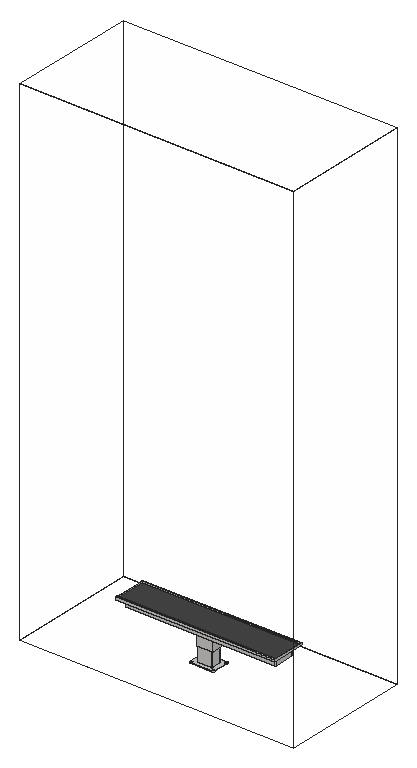
Revit family "Heater-Ceiling-Electric-Bromic-Smart Heat-Platinum", category Electrical Fixtures, host Face, Revit 2020
Family settings
  Host = Face
  Maintain Annotation Orientation = No
  Round Connector Dimension = Use Diameter
  Part Type = Normal
  OmniClass Number = 23.75.10.14
  OmniClass Title = Independent Electric Heating Units
  Cut with Voids When Loaded = Yes
  Shared = No
  Room Calculation Point = No
Parameters (values of type "2300W Series - Black")
  visFrontDown [instance] = not(Angle Mount)  # yes
  calcYOffset [instance] = if(Angle Mount, 0.5748", 0")  # 0"
  calcXOffset [instance] = if(Angle Mount, 1.49606", 0")  # 0"
  calcWidth = 7.17"  # constant formula
  calcSuspendedHeight [instance] = if(Front Down Mount, 8", if([Ceiling Pole_23.6"], 23.6", if([Ceiling Pole_47.2"], 47.2", if(Angle Mount, 10", 8"))))  # 8"
  calcOffsetClearance [instance] = if(Angle Mount, 1.69", calcWidth / 2)  # 3.585"
  calcLength = if(Heater Type Selector = 1, 33.07", if(Heater Type Selector = 2, 50.2", 33.07"))  # 33.07"
  calcFaceAngledWidth [instance] = if(Angle Mount, 6.5", calcWidth)  # 7.17"
  calcDepth = 2.13"  # constant formula
  Width_ANZRS = 7"  # constant formula
  WeightNet_ANZRS = if(Heater Type Selector = 1, 16.50 lbm, if(Heater Type Selector = 2, 22.00 lbm, 16.50 lbm))  # 16.50 lbm
  Wattage_ANZRS = if(Heater Type Selector = 1, 2300 VA, if(Heater Type Selector = 2, 3400 VA, 2000 VA))  # 2300 VA
  Voltage_ANZRS [instance] = 230 V
  URL = "https://www.bromic.com/heating/outdoor-heaters/"
  Side Clearance = if(Heater Type Selector = 2, 18", 10")  # 10"
  Mount Type Selector [instance] = 1
  MountingType_ANZRS [instance] = if(Front Down Mount, "Ceiling Mounted - Front Down", if([Ceiling Pole_23.6"], "Ceiling Pole - 23.6\"", if([Ceiling Pole_47.2"], "Ceiling Pole - 47.2\"", if(Angle Mount, "Ceiling Mounted - Angle Mount", "Ceiling Mounted - Front Down"))))  # "Ceiling Mounted - Front Down"
  Material_ANZRS = Metal-Steel-Stainless-Bromic
  Screen Material = Ceramic-Tinted-Bromic-Black
  Heater Type Selector = 1
  Front Down Mount [instance] = or(Mount Type Selector < 2, Mount Type Selector > 4)  # yes
  Floor Clearance = 96"  # constant formula
  Show Clearance [instance] = yes
  ProductCode_ANZRS = "BH0320003"
  PowerFactor_ANZRS = 1
  ModifiedIssue_ANZRS = 20190220.01  # constant formula
  Model = "Platinum Smart-Heat™ Electric"  # constant formula
  Manufacturer = "Bromic"  # constant formula
  Length_ANZRS = if(Heater Type Selector = 1, 33", if(Heater Type Selector = 2, 50.2", 33"))  # 33"
  Frequency_ANZRS = 50 Hz
  End Clearance = 12"  # constant formula
  Description = "The Platinum Smart-Heat™ Electric excels in efficiency, packing profound performance into a sleek package to suit high-end, style-centric settings. Designed specifically with low-clearance, semi-enclosed and aesthetically-focused spaces in mind, this heater minimizes light emission to blend seamlessly into rooflines with the aid of recess kits or stylishly mount to a number of other surfaces."  # constant formula
  Depth_ANZRS = 2"  # constant formula
  Default Elevation = 48"
  CreatedBy_ANZRS = "Design Content"  # constant formula
  CreatedByURL_ANZRS = "https://www.designcontent.com.au/"
  Ceiling Pole_23.6" [instance] = Mount Type Selector = 2  # no
  Ceiling Pole_47.2" [instance] = Mount Type Selector = 3  # no
  ApproximateHeatArea = if(Heater Type Selector = 1, 65.00 SF, if(Heater Type Selector = 2, 108.00 SF, 65.00 SF))  # 65.00 SF
  ApparentLoad_ANZRS = Wattage_ANZRS  # 2300 VA
  Angle Mount [instance] = Mount Type Selector = 4  # no
  Angle [instance] = if(Angle Mount, 30.00°, 0.00°)  # 0.00°
Types (5): name | calcLength | WeightNet_ANZRS | Wattage_ANZRS | Side Clearance | Screen Material | Heater Type Selector | ProductCode_ANZRS | Length_ANZRS | ApproximateHeatArea | ApparentLoad_ANZRS
  (no name) | 33.07" | 16.50 lbm | 2300 VA | 10" | Ceramic-Tinted-Bromic-Black | 1 | "BH0320003" | 33" | 65.00 SF | 2300 VA
  2300W Series - Black | 33.07" | 16.50 lbm | 2300 VA | 10" | Ceramic-Tinted-Bromic-Black | 1 | "BH0320003" | 33" | 65.00 SF | 2300 VA
  2300W Series - White | 33.07" | 16.50 lbm | 2300 VA | 10" | Ceramic-Tinted-Bromic-White | 1 | "BH0320007" | 33" | 65.00 SF | 2300 VA
  3400W Series - Black | 50.2" | 22.00 lbm | 3400 VA | 18" | Ceramic-Tinted-Bromic-Black | 2 | "BH0320005" | 50.2" | 108.00 SF | 3400 VA
  3400W Series - White | 50.2" | 22.00 lbm | 3400 VA | 18" | Ceramic-Tinted-Bromic-White | 2 | "BH0320008" | 50.2" | 108.00 SF | 3400 VA
Reference planes (in)
  plane 1 "Center (Front/Back)": y = 0
  plane 2: z = 0
  plane 3 "Center (Left/Right)": x = 0
  plane 4: z = 5.79528
  plane 5: z = 104
  plane 6: z = 8
  plane 7: x = -16.535
  plane 8: x = -28.535
  plane 9: x = 16.535
  plane 10: x = 28.535
  plane 11: y = 3.585
  plane 12: y = -3.585
  plane 13: y = 13.585
  plane 14: y = -13.585
  plane 15: z = 0.07874
  plane 16: z = 3.07726
  plane 17: z = 5.87402
  plane 18: x = -17.12555
  plane 19: x = 17.12555
  plane 20: y = 0
  plane 21: z = 5.87402
  plane 22: y = 3.585
  plane 23: y = -3.585
Forms (in)
  Extrusion 1, solid, material "Metal-Steel-Stainless-Bromic" <- "Material_ANZRS", detail levels coarse+medium
    sketch origin (0, 0, 0) x (1, 0, 0) y (0, 1, 0)
      loop
        arc (-2.55906, -1.5748) -> (-2.44374, -1.85319) -> (-2.16535, -1.9685) r 0.3937
        line (-2.16535, -1.9685) -> (2.16535, -1.9685)
        arc (2.16535, -1.9685) -> (2.44374, -1.85319) -> (2.55906, -1.5748) r 0.3937
        line (2.55906, -1.5748) -> (2.55906, 1.5748)
        arc (2.55906, 1.5748) -> (2.44374, 1.85319) -> (2.16535, 1.9685) r 0.3937
        line (2.16535, 1.9685) -> (-2.16535, 1.9685)
        arc (-2.16535, 1.9685) -> (-2.44374, 1.85319) -> (-2.55906, 1.5748) r 0.3937
        line (-2.55906, 1.5748) -> (-2.55906, -1.5748)
    from 0 to 0.07874
  Extrusion 2, solid, material "Metal-Steel-Stainless-Bromic" <- "Material_ANZRS", visible <- "visFrontDown"
    sketch origin (0, 0, 0) x (1, 0, 0) y (0, 1, 0)
      loop
        line (-1.5748, 0.90551) -> (-1.5748, -0.86614)
        arc (-1.5748, -0.86614) -> (-1.54021, -0.94966) -> (-1.45669, -0.98425) r 0.11811
        line (-1.45669, -0.98425) -> (1.45669, -0.98425)
        arc (1.45669, -0.98425) -> (1.54021, -0.94966) -> (1.5748, -0.86614) r 0.11811
        line (1.5748, -0.86614) -> (1.5748, 0.90551)
        arc (1.5748, 0.90551) -> (1.55174, 0.96119) -> (1.49606, 0.98425) r 0.07874
        line (1.49606, 0.98425) -> (-1.49606, 0.98425)
        arc (-1.49606, 0.98425) -> (-1.55174, 0.96119) -> (-1.5748, 0.90551) r 0.07874
    from 0.07874 to 3.07726
  Extrusion 3, solid, material "Metal-Steel-Stainless-Bromic" <- "Material_ANZRS", visible <- "visFrontDown"
    sketch origin (0, 0, 6.29921) x (1, 0, 0) y (0, 1, 0)
      loop
        arc (-2.75591, -1.44685) -> (-2.64059, -1.72524) -> (-2.3622, -1.84055) r 0.3937
        line (-2.3622, -1.84055) -> (2.3622, -1.84055)
        arc (2.3622, -1.84055) -> (2.64059, -1.72524) -> (2.75591, -1.44685) r 0.3937
        line (2.75591, -1.44685) -> (2.75591, 1.46654)
        arc (2.75591, 1.46654) -> (2.64059, 1.74492) -> (2.3622, 1.86024) r 0.3937
        line (2.3622, 1.86024) -> (-2.3622, 1.86024)
        arc (-2.3622, 1.86024) -> (-2.64059, 1.74492) -> (-2.75591, 1.46654) r 0.3937
        line (-2.75591, 1.46654) -> (-2.75591, -1.44685)
    from -0.50394 to -0.4252
  Extrusion 4, solid, material "Metal-Steel-Stainless-Bromic" <- "Material_ANZRS", visible <- "visFrontDown"
    sketch origin (0, 0, 0) x (1, 0, 0) y (0, 1, 0)
      loop
        line (1.69291, 1.06299) -> (-1.69291, 1.06299) -> (-1.69291, -1.06299) -> (1.69291, -1.06299) -> (1.69291, 1.06299)
    from 3.07726 to 5.79528
  Extrusion 5, solid, material "Metal-Steel-Stainless-Bromic" <- "Material_ANZRS", detail levels fine
    sketch origin (0, 0, 0) x (1, 0, 0) y (0, 1, 0)
      loop
        arc (-2.55906, -1.5748) -> (-2.44374, -1.85319) -> (-2.16535, -1.9685) r 0.3937
        line (-2.16535, -1.9685) -> (2.16535, -1.9685)
        arc (2.16535, -1.9685) -> (2.44374, -1.85319) -> (2.55906, -1.5748) r 0.3937
        line (2.55906, -1.5748) -> (2.55906, 1.5748)
        arc (2.55906, 1.5748) -> (2.44374, 1.85319) -> (2.16535, 1.9685) r 0.3937
        line (2.16535, 1.9685) -> (-2.16535, 1.9685)
        arc (-2.16535, 1.9685) -> (-2.44374, 1.85319) -> (-2.55906, 1.5748) r 0.3937
        line (-2.55906, 1.5748) -> (-2.55906, -1.5748)
      loop
        circle (-2.16535, -1.5748) r 0.12795
      loop
        circle (2.16535, -1.5748) r 0.12795
      loop
        circle (2.16535, 1.5748) r 0.12795
      loop
        circle (-2.16535, 1.5748) r 0.12795
    from 0 to 0.07874
  Extrusion 6, solid, material "Metal-Steel-Stainless-Bromic" <- "Material_ANZRS", visible <- "Angle Mount"
    sketch origin (0, 0, -1.20079) x (0, 1, 0) y (0, 0, 1)
      loop
        line (1.06299, 2.50787) -> (1.06299, 4.7105) -> (0.31695, 6.00268) -> (-1.38782, 5.01842) -> (-1.06299, 4.4558) -> (-1.06299, 2.50787) -> (1.06299, 2.50787)
    from -1.69291 to 1.69291
  Extrusion 7, solid, material "Metal-Steel-Stainless-Bromic" <- "Material_ANZRS", visible <- "Angle Mount"
    sketch origin (0, 2.55118, 0) x (1, 0, 0) y (0, 1, 0)
      loop
        line (-1.5748, -1.64567) -> (-1.5748, -3.41732)
        arc (-1.5748, -3.41732) -> (-1.54021, -3.50084) -> (-1.45669, -3.53543) r 0.11811
        line (-1.45669, -3.53543) -> (1.45669, -3.53543)
        arc (1.45669, -3.53543) -> (1.54021, -3.50084) -> (1.5748, -3.41732) r 0.11811
        line (1.5748, -3.41732) -> (1.5748, -1.64567)
        arc (1.5748, -1.64567) -> (1.55174, -1.58999) -> (1.49606, -1.56693) r 0.07874
        line (1.49606, -1.56693) -> (-1.49606, -1.56693)
        arc (-1.49606, -1.56693) -> (-1.55174, -1.58999) -> (-1.5748, -1.64567) r 0.07874
    from 0.07874 to 1.30709
  Extrusion 8, solid, material "Metal-Steel-Stainless-Bromic" <- "Material_ANZRS", visible <- "Angle Mount"
    sketch origin (0, 0, 0) x (0, 1, 0) y (0, 0, 1)
      loop
        line (0.99886, 5.19559) -> (0.95949, 5.26378) -> (-2.1091, 3.49213) -> (-2.06973, 3.42394) -> (0.99886, 5.19559)
    from -2.75591 to 2.75591
Lines and regions (in)
  reference lines
    curve 1: line (0, 0, 5.87402) -> (0, 0, 5.49533)
    curve 2: line (0, 0, 5.87402) -> (0, 0.23807, 5.87402)
Dimensions and locks (in)
  "Floor Clearance": plane 6 to plane 5
  equal spacing: plane 9, plane 3 "Center (Left/Right)", plane 7
  "calcLength": plane 9 to plane 7
  "End Clearance": plane 7 to plane 8
  "End Clearance": plane 10 to plane 9
  equal spacing: plane 12, plane 1 "Center (Front/Back)", plane 11
  "calcWidth": plane 12 to plane 11
  "Side Clearance": plane 22 to plane 13
  "Side Clearance": plane 14 to plane 23
  locked: plane 2 to plane 15 at 0.07874
  plane 16 to plane 4 to plane 17 to plane 6 = 2.71801" locked, 0.07874" locked, 2.12598"
  "calcSuspendedHeight": plane 2 to plane 6
  locked: plane 18 to plane 7 at 0.59055
  locked: plane 9 to plane 19 at 0.59055
  "calcYOffset": plane 1 "Center (Front/Back)" to plane 20
  "calcXOffset": plane 17 to plane 21
  Extrusion 4 sketch curve to plane 1 "Center (Front/Back)" to Extrusion 4 sketch curve = 1.06299" locked, 1.06299" locked
  Extrusion 6 sketch curve to Extrusion 6 sketch curve to Extrusion 6 sketch curve to Extrusion 6 sketch curve to Extrusion 6 sketch curve to plane 17 = 1.94793" locked, 0.2547" locked, 0.30792" locked, 0.98425" locked, 1.07213" locked
  Extrusion 4 sketch curve to plane 3 "Center (Left/Right)" to Extrusion 4 sketch curve = 1.69291" locked, 1.69291" locked
  Extrusion 7 sketch curve to plane 1 "Center (Front/Back)" to Extrusion 7 sketch curve = 0.98425" locked, 0.98425" locked
  Extrusion 2 sketch curve to plane 1 "Center (Front/Back)" to Extrusion 2 sketch curve = 0.98425" locked, 0.98425" locked
  Extrusion 3 sketch curve to plane 1 "Center (Front/Back)" to Extrusion 3 sketch curve = 1.84055" locked, 1.86024" locked
  Extrusion 5 sketch curve to plane 1 "Center (Front/Back)" to Extrusion 5 sketch curve = 1.9685" locked, 1.9685" locked
  Extrusion 5 sketch curve to plane 3 "Center (Left/Right)" to Extrusion 5 sketch curve = 2.55906" locked, 2.55906" locked
  Extrusion 1 sketch curve to plane 1 "Center (Front/Back)" to Extrusion 1 sketch curve = 1.9685" locked, 1.9685" locked
  Extrusion 1 sketch curve to plane 3 "Center (Left/Right)" to Extrusion 1 sketch curve = 2.55906" locked, 2.55906" locked
  "calcOffsetClearance": plane 22 to plane 1 "Center (Front/Back)"
  "calcFaceAngledWidth": plane 22 to plane 23
  locked: Extrusion 8 sketch curve to Extrusion 6 at 0.7874  (x2)
  locked: Extrusion 8 sketch curve to Extrusion 8 sketch curve at 0.07874
  locked: curve 2 to curve 1 (angle 90.00°)
  locked: Extrusion 8 sketch curve to Extrusion 8 sketch curve (angle 90.00°)  (x3)
  "Angle": angle curve 1 to plane 1 "Center (Front/Back)"
  aligned and locked: plane 2 to host face
  aligned and locked: level to host face
  aligned and locked: plane 2 to nested 2
  aligned and locked: nested 2 to plane 5
  aligned and locked: nested 2 to plane 8
  aligned and locked: plane 10 to nested 2
  aligned and locked: nested 2 to plane 13
  aligned and locked: nested 2 to plane 14
  aligned and locked: Extrusion 5 to plane 15
  aligned and locked: Extrusion 1 to plane 15
  aligned and locked: Extrusion 5 to plane 2
  aligned and locked: Extrusion 1 to plane 2
  aligned and locked: Extrusion 3 to plane 4
  aligned and locked: Extrusion 3 to plane 17
  aligned and locked: plane 16 to Extrusion 4
  aligned and locked: Extrusion 2 to plane 16
  aligned and locked: Extrusion 4 to plane 16  (x2)
  aligned and locked: plane 4 to Extrusion 4
  aligned and locked: Extrusion 4 to plane 4
  aligned and locked: Extrusion 4 to Extrusion 6
  aligned and locked: Extrusion 6 to Extrusion 4
  aligned and locked: plane 20 to curve 1
  aligned and locked: nested 1 to curve 1
  aligned and locked: Extrusion 4 to Extrusion 6 sketch curve
  aligned and locked: Extrusion 6 sketch curve to Extrusion 4
  aligned and locked: nested 1 to plane 3 "Center (Left/Right)"
  aligned and locked: plane 15 to Extrusion 7
  aligned and locked: Extrusion 7 to Extrusion 6
  aligned and locked: Extrusion 7 sketch curve to Extrusion 2
  aligned and locked: Extrusion 2 to Extrusion 7 sketch curve
  aligned and locked: plane 21 to curve 2
  aligned and locked: Extrusion 8 sketch curve to Extrusion 6
  aligned and locked: Extrusion 3 to Extrusion 8
  aligned and locked: Extrusion 8 to Extrusion 3
Automatic sketch dimensions
  host sketch curve to host sketch curve = 96"  (x2)
  Extrusion 1 sketch curve to Extrusion 1 sketch curve = 0.3937"  (x3)
  Extrusion 1 sketch curve to plane 1 "Center (Front/Back)" = 1.5748"
  Extrusion 2 sketch curve to plane 3 "Center (Left/Right)" = 1.5748"
  Extrusion 2 sketch curve to Extrusion 2 sketch curve = 0.07874"  (x2)
  Extrusion 2 sketch curve to Extrusion 2 sketch curve = 0.11811"
  plane 3 "Center (Left/Right)" to Extrusion 2 sketch curve = 1.45669"
  plane 3 "Center (Left/Right)" to Extrusion 2 sketch curve = 1.49606"
  Extrusion 3 sketch curve to plane 3 "Center (Left/Right)" = 2.75591"
  Extrusion 3 sketch curve to Extrusion 3 sketch curve = 0.3937"  (x3)
  plane 3 "Center (Left/Right)" to Extrusion 3 sketch curve = 2.3622"
  Extrusion 3 sketch curve to plane 1 "Center (Front/Back)" = 1.46654"
  plane 3 "Center (Left/Right)" to Extrusion 5 sketch curve = 2.16535"
  Extrusion 7 sketch curve to Extrusion 7 sketch curve = 0.07874"  (x2)
  Extrusion 7 sketch curve to Extrusion 7 sketch curve = 0.11811"  (x2)
  Extrusion 5 sketch curve to Extrusion 5 sketch curve = 0"  (x8)
  Extrusion 5 sketch curve to Extrusion 5 sketch curve = 0.3937"  (x3)
  radius of Extrusion 5 sketch curve = 0.12795"  (x4)
Nested families (in)
  nested 1: "X-Heater-Electric-Bromic-Smart Heat-Platinum" at (0, 0, 5.87402) x (-1, 0, 0) z (0, 0, 1), type "X-Heater-Electric-Bromic-Smart Heat-Platinum"
    with Width_ANZRS 7.17", Length_ANZRS 33.07", Depth_ANZRS 2.13"
  nested 2: "Clearance Zone" at (0, 0, 0), visible <- "Show Clearance", type "Standard"
    with Width 57.07", Height 104", Equipment Finish Clearance Zone, Depth 27.17"
Connectors (in)
  electrical at (0, 0, 5.87402), driven by "Voltage_ANZRS", driven by "ApparentLoad_ANZRS", driven by "PowerFactor_ANZRS"
    settings: on nested 1, index 1, voltage 230 V, apparent load 2300 VA, apparent load phase1 0 VA, apparent load phase2 0 VA, apparent load phase3 0 VA, power factor 1, load classification "Power", number of poles 1, system type 30, power factor state 1, is connector primary yes, connector utility no, sub classification motor no, connector description ""
Definition of nested family "X-Heater-Electric-Bromic-Smart Heat-Platinum"
  Parameters (values of type "X-Heater-Electric-Bromic-Smart Heat-Platinum")
    Width_ANZRS = 7.16535"
    Screen Material = none
    Material_ANZRS = none
    Length_ANZRS = 33.07087"
    Depth_ANZRS = 2.12598"
    Default Elevation = 48"
  Reference planes (in)
    plane 1 "Center (Front/Back)": y = 0
    plane 2: z = 0
    plane 3 "Center (Left/Right)": x = 0
    plane 4: x = -16.53543
    plane 5: x = 16.53543
    plane 6: y = 3.58268
    plane 7: y = -3.58268
    plane 8: z = 2.12598
    plane 9: z = 1.69291
    plane 10: z = 1.9685
  Forms (in)
    Extrusion 1, solid
      sketch origin (0, 0, 0) x (1, 0, 0) y (0, 1, 0)
        loop
          line (-48, 48) -> (-48, -48) -> (48, -48) -> (48, 48) -> (-48, 48)
      from 0 to -12
    Extrusion 2, solid, material <- "Material_ANZRS"
      sketch origin (0, 0, 0) x (1, 0, 0) y (0, 1, 0)
        loop
          arc (-15.55118, 2.16535) -> (-15.69038, 2.1077) -> (-15.74803, 1.9685) r 0.19685
          line (-15.74803, 1.9685) -> (-15.74803, -1.9685)
          arc (-15.74803, -1.9685) -> (-15.69038, -2.1077) -> (-15.55118, -2.16535) r 0.19685
          line (-15.55118, -2.16535) -> (15.55118, -2.16535)
          arc (15.55118, -2.16535) -> (15.69038, -2.1077) -> (15.74803, -1.9685) r 0.19685
          line (15.74803, -1.9685) -> (15.74803, 1.9685)
          arc (15.74803, 1.9685) -> (15.69038, 2.1077) -> (15.55118, 2.16535) r 0.19685
          line (15.55118, 2.16535) -> (-15.55118, 2.16535)
      from 0 to 1.69291
    Extrusion 3, solid, material <- "Material_ANZRS"
      sketch origin (0, 0, 0) x (0, 1, 0) y (0, 0, 1)
        loop
          line (3.58268, 2.12598) -> (3.17913, 2.12598) -> (3.17913, 1.75197) -> (-3.17913, 1.75197) -> (-3.17913, 2.12598) -> (-3.58268, 2.12598) -> (-3.58268, 1.69291) -> (3.58268, 1.69291) -> (3.58268, 2.12598)
      from -16.53543 to 16.53543
    Extrusion 4, solid, material <- "Screen Material"
      sketch origin (0, 0, 0) x (1, 0, 0) y (0, 1, 0)
        loop
          line (-16.41732, 3.17913) -> (-16.41732, -3.17913) -> (16.41732, -3.17913) -> (16.41732, 3.17913) -> (-16.41732, 3.17913)
      from 1.75197 to 1.9685
    Extrusion 5, solid, material <- "Material_ANZRS"
      sketch origin (0, 0, 0) x (1, 0, 0) y (0, 0, 1)
        loop
          line (-16.53543, 2.04724) -> (-16.53543, 1.75197) -> (-16.49606, 1.75197) -> (-16.49606, 2.04724) -> (-16.53543, 2.04724)
        loop
          line (16.53543, 2.04724) -> (16.49606, 2.04724) -> (16.49606, 1.75197) -> (16.53543, 1.75197) -> (16.53543, 2.04724)
      from -3.17913 to 3.17913
  Cuts and joins
    joined: Extrusion 3, Extrusion 5
  Dimensions and locks (in)
    equal spacing: plane 4, plane 3 "Center (Left/Right)", plane 5
    "Length_ANZRS": plane 4 to plane 5
    equal spacing: plane 7, plane 1 "Center (Front/Back)", plane 6
    "Width_ANZRS": plane 7 to plane 6
    "Depth_ANZRS": plane 8 to plane 2
    locked: plane 7 to Extrusion 2 sketch curve at 1.41732
    locked: plane 4 to Extrusion 2 sketch curve at 0.7874
    locked: Extrusion 2 sketch curve to plane 6 at 1.41732
    locked: Extrusion 2 sketch curve to plane 5 at 0.7874
    locked: plane 8 to plane 9 at 0.43307
    locked: Extrusion 3 sketch curve to plane 7 at 0.40354
    locked: plane 6 to Extrusion 3 sketch curve at 0.40354
    locked: Extrusion 3 sketch curve to plane 9 at 0.05906
    locked: plane 4 to Extrusion 4 sketch curve at 0.11811
    locked: Extrusion 4 sketch curve to plane 5 at 0.11811
    locked: plane 8 to plane 10 at 0.15748
    locked: Extrusion 5 sketch curve to plane 10 at 0.07874  (x2)
    locked: Extrusion 5 sketch curve to plane 4 at 0.03937
    locked: plane 5 to Extrusion 5 sketch curve at 0.03937
    aligned and locked: plane 2 to Extrusion 1
    aligned and locked: level to Extrusion 1
    aligned and locked: Extrusion 2 to plane 2
    aligned and locked: plane 9 to Extrusion 2
    aligned and locked: plane 7 to Extrusion 3 sketch curve
    aligned and locked: plane 9 to Extrusion 3 sketch curve
    aligned and locked: plane 8 to Extrusion 3 sketch curve
    aligned and locked: Extrusion 3 sketch curve to plane 8
    aligned and locked: plane 6 to Extrusion 3 sketch curve
    aligned and locked: plane 5 to Extrusion 3
    aligned and locked: Extrusion 3 to plane 4
    aligned and locked: Extrusion 3 to Extrusion 4 sketch curve  (x2)
    aligned and locked: Extrusion 4 to Extrusion 3
    aligned and locked: Extrusion 4 to plane 10
    aligned and locked: Extrusion 3 to Extrusion 5 sketch curve
    aligned and locked: plane 4 to Extrusion 5 sketch curve
    aligned and locked: plane 5 to Extrusion 5 sketch curve
    aligned and locked: Extrusion 5 sketch curve to Extrusion 3
    aligned and locked: Extrusion 5 to Extrusion 3  (x2)
  Automatic sketch dimensions
    Extrusion 1 sketch curve to Extrusion 1 sketch curve = 96"  (x2)
    Extrusion 2 sketch curve to Extrusion 2 sketch curve = 0.19685"  (x4)
Definition of nested family "Clearance Zone"
  Parameters (values of type "Standard")
    Width [instance] = 31.49606"
    URL = ""
    Manufacturer = ""
    Height [instance] = 22.83465"
    Equipment Finish [instance] = none
    Depth [instance] = 55.11811"
    Default Elevation = 0"
    Clearance Offset Top = 0"
    Clearance Offset Right = 0"
    Clearance Offset Left = 0"
    Clearance Offset Front = 0"
    Clearance Offset Bottom = 0"
    Clearance Offset Back = 0"
    Assembly Code = ""
  Reference planes (in)
    plane 1 "Center (Front/Back)": y = 0
    plane 2 "Bottom": z = 0
    plane 3 "Center (Left/Right)": x = 0
    plane 4 "Left": x = -15.74803
    plane 5 "Back": y = 27.55906
    plane 6 "Right": x = 15.74803
    plane 7 "Front": y = -27.55906
    plane 8 "Top": z = 22.83465
    plane 9 "Clearance Offset Right": x = 15.74803
    plane 10 "Clearance Offset Left": x = -15.74803
    plane 11 "Clearance Offset Back": y = 27.55906
    plane 12 "Clearance Offset Front": y = -27.55906
    plane 13 "Clearance Offset Top": z = 22.83465
    plane 14: z = 0
  Forms (in)
    Extrusion 1, solid, material <- "Equipment Finish"
      sketch origin (0, 0, 0) x (1, 0, 0) y (0, 1, 0)
        loop
          line (-15.74803, 27.55906) -> (-15.74803, -27.55906) -> (15.74803, -27.55906) -> (15.74803, 27.55906) -> (-15.74803, 27.55906)
      from 0 to 22.83465
  Lines and regions (in)
    symbolic lines
      curve 1: line (-15.74803, 0, 22.83465) -> (15.74803, 0, 22.83465)
      curve 2: line (-15.74803, 0, 0) -> (-15.74803, 0, 22.83465)
      curve 3: line (15.74803, 0, 0) -> (-15.74803, 0, 0)
      curve 4: line (15.74803, 0, 22.83465) -> (15.74803, 0, 0)
      curve 5: line (0, 27.55906, 22.83465) -> (0, -27.55906, 22.83465)
      curve 6: line (0, 27.55906, 0) -> (0, 27.55906, 22.83465)
      curve 7: line (0, -27.55906, 0) -> (0, 27.55906, 0)
      curve 8: line (0, -27.55906, 22.83465) -> (0, -27.55906, 0)
      curve 9: line (-15.74803, 27.55906, 0) -> (15.74803, 27.55906, 0)
      curve 10: line (-15.74803, -27.55906, 0) -> (-15.74803, 27.55906, 0)
      curve 11: line (15.74803, -27.55906, 0) -> (-15.74803, -27.55906, 0)
      curve 12: line (15.74803, 27.55906, 0) -> (15.74803, -27.55906, 0)
  Text (in)
    text "Copyright © Daikin Industries, Ltd. 2008" at (0.00043, 0.00036, 0), in view "Ref. Level"
  Dimensions and locks (in)
    equal spacing: plane 4 "Left", plane 3 "Center (Left/Right)", plane 6 "Right"
    "Width": plane 4 "Left" to plane 6 "Right"
    equal spacing: plane 5 "Back", plane 1 "Center (Front/Back)", plane 7 "Front"
    "Depth": plane 5 "Back" to plane 7 "Front"
    "Height": plane 8 "Top" to plane 2 "Bottom"
    "Clearance Offset Front": plane 12 "Clearance Offset Front" to plane 7 "Front"
    "Clearance Offset Back": plane 11 "Clearance Offset Back" to plane 5 "Back"
    "Clearance Offset Left": plane 10 "Clearance Offset Left" to plane 4 "Left"
    "Clearance Offset Right": plane 6 "Right" to plane 9 "Clearance Offset Right"
    "Clearance Offset Top": plane 13 "Clearance Offset Top" to plane 8 "Top"
    curve 3 to plane 14 = 0"
    "Clearance Offset Bottom": plane 2 "Bottom" to plane 14
    aligned and locked: plane 2 "Bottom" to level
    aligned and locked: plane 9 "Clearance Offset Right" to Extrusion 1 sketch curve
    aligned and locked: Extrusion 1 sketch curve to plane 11 "Clearance Offset Back"
    aligned and locked: plane 10 "Clearance Offset Left" to Extrusion 1 sketch curve
    aligned and locked: Extrusion 1 sketch curve to plane 12 "Clearance Offset Front"
    aligned and locked: curve 9 to Extrusion 1  (x2)
    aligned and locked: Extrusion 1 to curve 12
    aligned and locked: curve 12 to Extrusion 1
    aligned and locked: plane 13 "Clearance Offset Top" to Extrusion 1
    aligned and locked: Extrusion 1 to plane 14
    aligned and locked: Extrusion 1 to plane 10 "Clearance Offset Left"
    aligned and locked: Extrusion 1 to plane 9 "Clearance Offset Right"  (x2)
    aligned and locked: Extrusion 1 to plane 13 "Clearance Offset Top"  (x2)
    aligned and locked: plane 14 to Extrusion 1  (x2)
    aligned and locked: curve 1 to plane 13 "Clearance Offset Top"
    aligned and locked: plane 9 "Clearance Offset Right" to curve 4
    aligned and locked: plane 10 "Clearance Offset Left" to curve 2
    aligned and locked: plane 14 to curve 3
    aligned and locked: plane 10 "Clearance Offset Left" to Extrusion 1  (x2)
    aligned and locked: curve 8 to plane 12 "Clearance Offset Front"
    aligned and locked: curve 5 to plane 13 "Clearance Offset Top"
    aligned and locked: curve 6 to plane 11 "Clearance Offset Back"
    aligned and locked: plane 14 to curve 7
